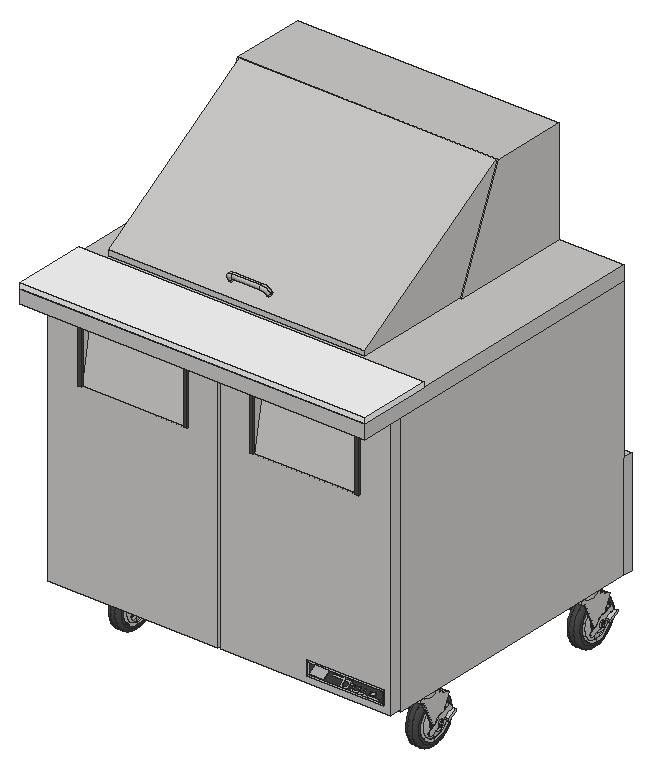
Revit family "QF_TRUE_TSSU-36-12M-B-HC", category Specialty Equipment, Revit 2016
Family settings
  Part Type = Normal
  Round Connector Dimension = Use Diameter
  Work Plane-Based = No
  Always vertical = Yes
  Cut with Voids When Loaded = No
  Shared = No
  Room Calculation Point = No
Parameters
  Weight in Pounds = 255
  Watts = if(Phase = 3, Volts * FL Amps * 1.73, Volts * FL Amps)  # 517.5 W
  Volts = 115 V
  URL Cutsheet = ""
  Specification by User = ""
  Specification by Manufacturer = ""
  Show Seismic Flanged [instance] = no
  Show Logo [instance] = yes
  Show Legs [instance] = no
  Show Clearance [instance] = yes
  Show 6 Inches Castors [instance] = if(Show 2.5 Inches Castors, or(Show Legs, Show Seismic Flanged), if(Show Seismic Flanged, Show Legs, not(or(Show Legs, Show Seismic Flanged, Show 2.5 Inches Castors))))  # yes
  Show 2.5 Inches Castors [instance] = no
  Serial Number = ""
  Seismic Rating = ""
  Seismic Flanged [instance] = and(Show Seismic Flanged, not(Show 6 Inches Castors))  # no
  SMACNA No = ""
  Revision Code = ""
  Phase = 1
  Number of Poles = 1
  NAFEM Spec ID Number = ""
  Model = "TSSU-36-12M-B-HC"
  Min Ckt Ampacity = 0 A
  Max Overcurrent Protection = 0 A
  Masterspec = ""
  Manufacturer = "TRUE"
  Length = 36 5/16"
  Legs [instance] = and(not(Show 2.5 Inches Castors), or(Show Legs, Show Seismic Flanged))  # no
  Item Number = ""
  Installed By = ""
  Identify Quantity as Lot = yes
  Height = 46 15/32"
  HP = "1/4"
  Furnished By = ""
  Foodservice Equipment Identifier = yes
  FL Amps = 4.5 A
  Electrical Remarks = ""
  Electric Connection Type = ""
  Elec Conn RI Height = 33 11/16"
  Elec Conn Connection Height = 0"
  Description = "MEGA-TOP SOLID DOOR SANDWICH/SALAD UNIT WITH HYDROCARBON REFRIGERANT"
  Depth = 34 1/16"
  Cycle = 60 Hz
  Conn Plug = "NEMA 5-15P"
  Conn Conduit = yes
  CSI MasterFormat = ""
  Base Height [instance] = if(Show 6 Inches Castors, 6 3/16", if(Show 2.5 Inches Castors, 2 1/2", if(Show Legs, 6", if(Show Seismic Flanged, 6", 6 3/16"))))  # 6 3/16"
  Apparent Power = if(Phase = 3, Volts * FL Amps * 1.73, Volts * FL Amps)  # 517.5 VA
  2.5 Inches Castors [instance] = and(Show 2.5 Inches Castors, not(Show 6 Inches Castors))  # no
Reference planes (in)
  plane 1 "BACK": y = 0
  plane 2: z = 0
  plane 3 "LEFT": x = 0
  plane 4 "RIGHT": x = 36.3125
  plane 5 "FRONT": y = -34.0625
  plane 6 "TOP": z = 35.9375
  plane 7 "Center Y": x = 18.15625
  plane 8 "Center X": y = -17.03125
  plane 9: y = 1
  plane 10: y = -45.53125
  plane 11: x = 2.5
  plane 12: x = 33.8125
  plane 13: z = 6.1875
  plane 14: z = 46.46875
  plane 15: z = 48.96875
Forms (in)
  Extrusion 1, solid, material "QF_Metal - Stainless - Polished"
    sketch origin (36.3125, 1, 3.9375) x (-1, 0, 0) y (0, 0, 1)
      loop
        circle (18.15625, 7.16291) r 0.25
    from 0 to 1
Dimensions and locks (in)
  equal spacing: plane 3 "LEFT", plane 7 "Center Y", plane 4 "RIGHT"
  "Length": plane 3 "LEFT" to plane 4 "RIGHT"
  equal spacing: plane 5 "FRONT", plane 8 "Center X", plane 1 "BACK"
  "Depth": plane 5 "FRONT" to plane 1 "BACK"
  plane 5 "FRONT" to plane 1 "BACK" = 34 1/16"
  plane 4 "RIGHT" to plane 3 "LEFT" = 36 5/16"
  plane 10 to plane 9 = 46 17/32"
  plane 10 to plane 5 "FRONT" = 11 15/32"  (x2)
  plane 9 to plane 10 = 46 17/32"
  locked: plane 11 to plane 3 "LEFT" at 2.5
  locked: plane 12 to plane 4 "RIGHT" at 2.5
  plane 1 "BACK" to plane 9 = 1"
  plane 6 "TOP" to plane 13 = 29 3/4"
  "Base Height": plane 13 to level
  level to plane 13 to plane 6 "TOP" = 6 3/16", 29 3/4"
  plane 14 to plane 6 "TOP" = 10 17/32"  (x2)
  plane 15 to level = 48 31/32"  (x2)
  plane 14 to plane 13 = 40 9/32"  (x2)
  plane 14 to level = 46 15/32"  (x2)
  nested 1 to plane 4 "RIGHT" = 12 3/4"
  nested 1 to nested 1 = 1 31/32"
  nested 1 to plane 1 "BACK" = 7 7/8"
  nested 1 to plane 1 "BACK" = 25 7/32"
  aligned and locked: level to plane 2
  aligned and locked: plane 11 to nested 3
  aligned and locked: plane 11 to nested 2
  aligned and locked: plane 12 to nested 5
  aligned and locked: plane 12 to nested 4
  aligned and locked: plane 13 to nested 1
Automatic sketch dimensions
  nested 1 to Extrusion 1 sketch curve = 18 5/32"
  Extrusion 1 sketch curve to plane 13 = 4.91291"
  radius of Extrusion 1 sketch curve = 1/4"
Nested families (in)
  nested 1: "TSSU-36-12M-B-HC" at (0, 0, 0), Show Logo <- "Show Logo", Show Clearance <- "Show Clearance", type "TSSU-36-12M-B-HC"
  nested 2: "CASTORS" at (3.41047, -3.62035, 0), Show 6" Casters <- "Show 6 Inches Castors", Show 2.5" Casters <- "2.5 Inches Castors", Show Seismic flanged legs <- "Seismic Flanged", Show Standard Legs <- "Legs", type "CASTORS"
    with Type Mark "", Status "", Specification by User "", Show Standard Legs no, Show Seismic flanged legs no, Show 6" Casters yes, Show 2.5" Casters no, Revision Code "", Key Locks yes, Item Number "", Installed By "", Identify Quantity as Lot yes, Furnished By "", Foodservice Equipment Identifier yes
  nested 3: "CASTORS" at (3.41047, -24.87035, 0), Show 6" Casters <- "Show 6 Inches Castors", Show 2.5" Casters <- "2.5 Inches Castors", Show Seismic flanged legs <- "Seismic Flanged", Show Standard Legs <- "Legs", type "CASTORS"
    with Type Mark "", Status "", Specification by User "", Show Standard Legs no, Show Seismic flanged legs no, Show 6" Casters yes, Show 2.5" Casters no, Revision Code "", Key Locks yes, Item Number "", Installed By "", Identify Quantity as Lot yes, Furnished By "", Foodservice Equipment Identifier yes
  nested 4: "CASTORS" at (34.72297, -3.62035, 0), Show 6" Casters <- "Show 6 Inches Castors", Show 2.5" Casters <- "2.5 Inches Castors", Show Seismic flanged legs <- "Seismic Flanged", Show Standard Legs <- "Legs", type "CASTORS"
    with Type Mark "", Status "", Specification by User "", Show Standard Legs no, Show Seismic flanged legs no, Show 6" Casters yes, Show 2.5" Casters no, Revision Code "", Key Locks yes, Item Number "", Installed By "", Identify Quantity as Lot yes, Furnished By "", Foodservice Equipment Identifier yes
  nested 5: "CASTORS" at (34.72297, -24.87035, 0), Show 6" Casters <- "Show 6 Inches Castors", Show 2.5" Casters <- "2.5 Inches Castors", Show Seismic flanged legs <- "Seismic Flanged", Show Standard Legs <- "Legs", type "CASTORS"
    with Type Mark "", Status "", Specification by User "", Show Standard Legs no, Show Seismic flanged legs no, Show 6" Casters yes, Show 2.5" Casters no, Revision Code "", Key Locks yes, Item Number "", Installed By "", Identify Quantity as Lot yes, Furnished By "", Foodservice Equipment Identifier yes
Connectors (in)
  electrical at (18.15625, 2, 11.10041), driven by "Volts", driven by "Apparent Power"
    settings: on Extrusion 1, index 1, voltage 115 V, apparent load 0 VA, apparent load phase1 517.5 VA, apparent load phase2 0 VA, apparent load phase3 0 VA, power factor 1, load classification "Other", number of poles 1, system type 30, power factor state 1, is connector primary yes, connector utility no, sub classification motor no, connector description "ELECTRICAL INLET"
Definition of nested family "TSSU-36-12M-B-HC"
  Parameters (values of type "TSSU-36-12M-B-HC")
    Show Logo [instance] = yes
    Show Clearance [instance] = yes
    Model = ""
    Manufacturer = ""
    Description = ""
  Reference planes (in)
    plane 1 "BACK": y = 0
    plane 2: z = 0
    plane 3 "LEFT": x = 0
    plane 4 "RIGHT": x = 36.3125
    plane 5 "FRONT": y = -34.0625
    plane 6 "TOP": z = 35.9375
    plane 7 "Center Y": x = 18.15625
    plane 8 "Center X": y = -17.03125
    plane 9: y = 1
    plane 10: y = -45.53125
    plane 11: x = 1.96875
    plane 12: x = 29.46875
    plane 13: z = 46.46875
    plane 14: y = -7.875
    plane 15: y = -25.21875
    plane 16: z = 6.1875
    plane 17: z = 51.21875
    plane 18: z = 2.25
  Forms (in)
    Extrusion 1, solid, visible <- "Show Clearance", detail levels coarse
      sketch origin (0, -6.40625, 2.25) x (0, 1, 0) y (0, 0, 1)
        loop
          line (-1.46875, 44.21875) -> (-10.625, 48.96875)
          arc (-10.625, 48.96875) -> (-17.46234, 42.7981) -> (-18.8125, 33.6875) r 13.62636
          line (-18.8125, 33.6875) -> (-1.46875, 44.21875)
      from 2.21275 to 29.25
    Extrusion 2, solid
      sketch origin (0, 1, 2.25) x (0, 1, 0) y (0, 0, 1)
        loop
          line (-35.0625, 33.1875) -> (-35.0625, 31.6875) -> (-1, 31.6875) -> (-1, 33.1875) -> (-35.0625, 33.1875)
      from 0 to 36.3125
    Extrusion 3, solid
      sketch origin (0, 1, 2.25) x (0, 1, 0) y (0, 0, 1)
        loop
          line (-1, 44.21875) -> (-8.875, 44.21875) -> (-13.78643, 33.1875) -> (-1, 33.1875) -> (-1, 44.21875)
      from 1.96875 to 29.46875
    Extrusion 4, solid
      sketch origin (0, -5.90625, 2.25) x (0, 1, 0) y (0, 0, 1)
        loop
          line (-19.3125, 33.1875) -> (-6.88018, 33.1875) -> (-1.96875, 44.21875) -> (-19.3125, 33.6875) -> (-19.3125, 33.1875)
      from 2.21275 to 29.25
    Extrusion 5, solid
      sketch origin (0, 1, 2.25) x (0, 1, 0) y (0, 0, 1)
        loop
          line (-1, 31.6875) -> (-30.3125, 31.6875) -> (-30.3125, 3.9375) -> (-1, 3.9375) -> (-1, 31.6875)
      from 0 to 36.3125
    Extrusion 6, solid
      sketch origin (0, 1, 2.25) x (0, 1, 0) y (0, 0, 1)
        loop
          line (-1, 3.9375) -> (0, 3.9375) -> (0, 15.0625) -> (-1, 15.0625) -> (-1, 3.9375)
      from 0 to 36.3125
    Revolve 7, solid
      sketch origin (4.5, 1, 2.25) x (0, 1, 0) y (0, 0, 1)
        loop
          line (-0.60959, 28.75269) -> (-1, 28.75269) -> (-1, 28.1431) -> (0, 28.1431)
          arc (0, 28.1431) -> (-0.17855, 28.57414) -> (-0.60959, 28.75269) r 0.60959
        axis (0, 28.1431) -> (-1, 28.1431)
      angle from 0 to 360
    Extrusion 8, solid
      sketch origin (-12, 1, 2.25) x (0, 1, 0) y (0, 0, 1)
        loop
          line (-1.5, 3.9375) -> (-25.80139, 3.9375) -> (-25.80139, 1.625) -> (-1.5, 1.625) -> (-1.5, 3.9375)
      from 22.9375 to 35.5625
    Extrusion 9, solid
      sketch origin (0, 5, 2.25) x (0, 1, 0) y (0, 0, 1)
        loop
          line (-39.0625, 33.1875) -> (-31.3125, 33.1875) -> (-31.3125, 33.6875) -> (-39.0625, 33.6875) -> (-39.0625, 33.1875)
      from 0 to 36.3125
    Extrusion 10, solid, visible <- "Show Clearance", detail levels coarse
      sketch origin (0, 2.5, 2.25) x (1, 0, 0) y (0, 1, 0)
        loop
          line (0.125, -33.0625) -> (0.125, -48.03125)
          arc (0.125, -48.03125) -> (11.90603, -43.92859) -> (18.03405, -33.0625) r 17.65492
          line (18.03405, -33.0625) -> (0.125, -33.0625)
        loop
          line (36.1875, -33.0625) -> (18.27845, -33.0625)
          arc (18.27845, -33.0625) -> (24.40647, -43.92859) -> (36.1875, -48.03125) r 17.65492
          line (36.1875, -48.03125) -> (36.1875, -33.0625)
      from 3.9375 to 31.5625
    Sweep 11, solid
      path origin (-4.18801, -5.43931, 6.48886) x (1, 0, 0) y (0, -0.519018, 0.854763)
        loop
          line (22.25, 35.4375) -> (22.25, 35.6875)
          arc (22.25, 35.6875) -> (22.10355, 36.04105) -> (21.75, 36.1875) r 0.5
          line (21.75, 36.1875) -> (18.75, 36.1875)
          arc (18.75, 36.1875) -> (18.39645, 36.04105) -> (18.25, 35.6875) r 0.5
          line (18.25, 35.6875) -> (18.25, 35.4375)
      profile origin (16.06199, -24.22128, 37.42061) x (0, 0.519018, -0.854763) y (0, -0.854763, -0.519018)
        loop
          circle (0, 0) r 0.25
    Revolve 12, solid
      sketch origin (31.8125, 1, 2.25) x (0, 1, 0) y (0, 0, -1)
        loop
          arc (-0.60959, -28.75269) -> (-0.17855, -28.57414) -> (0, -28.1431) r 0.60959
          line (0, -28.1431) -> (-1, -28.1431) -> (-1, -28.75269) -> (-0.60959, -28.75269)
        axis (0, -28.1431) -> (-1, -28.1431)
      angle from 0 to 360
    Extrusion 13, solid
      sketch origin (64.0625, -29.3125, 33.9375) x (0, 0, -1) y (-1, 0, 0)
        loop
          line (0.125, 63.9375) -> (0.125, 46.02845) -> (27.625, 46.02845) -> (27.625, 63.9375) -> (0.125, 63.9375)
        loop
          line (1.46362, 49.57533) -> (7.96362, 49.57533) -> (7.96362, 60.70033) -> (1.46362, 60.70033) -> (1.46362, 49.57533)
        loop
          line (0.125, 27.875) -> (27.625, 27.875) -> (27.625, 45.78405) -> (0.125, 45.78405) -> (0.125, 27.875)
        loop
          line (1.46362, 42.23717) -> (1.46362, 31.11217) -> (7.96362, 31.11217) -> (7.96362, 42.23717) -> (1.46362, 42.23717)
      from 0 to -1.25
    Extrusion 14, solid
      sketch origin (64.0625, -30.5625, 33.9375) x (0, 0, 1) y (-1, 0, 0)
        loop
          line (-7.96362, 60.70033) -> (-7.96362, 60.32533) -> (-2.08862, 60.32533) -> (-2.08862, 49.57533) -> (-7.96362, 49.57533) -> (-7.96362, 49.20033) -> (-1.46362, 49.20033) -> (-1.46362, 60.70033) -> (-7.96362, 60.70033)
      from 0 to 0.125
    Extrusion 15, solid
      sketch origin (0, -0.75, 2.25) x (0, 1, 0) y (0, 0, 1)
        loop
          line (-29.8125, 23.72388) -> (-28.5625, 23.72388) -> (-28.5625, 30.22388) -> (-29.8125, 23.72388)
      from 14.48717 to 3.73717
    Extrusion 16, solid
      sketch origin (-27.75, -30.5625, 33.9375) x (0, 0, 1) y (-1, 0, 0)
        loop
          line (-7.96362, -60.70033) -> (-1.46362, -60.70033) -> (-1.46362, -49.20033) -> (-7.96362, -49.20033) -> (-7.96362, -49.57533) -> (-2.08862, -49.57533) -> (-2.08862, -60.32533) -> (-7.96362, -60.32533) -> (-7.96362, -60.70033)
      from 0 to 0.125
    Extrusion 17, solid
      sketch origin (36.3125, -0.75, 2.25) x (0, 1, 0) y (0, 0, -1)
        loop
          line (-29.8125, -23.72388) -> (-28.5625, -30.22388) -> (-28.5625, -23.72388) -> (-29.8125, -23.72388)
      from 14.48717 to 3.73717
  Lines and regions (in)
    symbolic lines
      curve 1: line (2.72837, -22.75446, 2.25) -> (28.62641, -22.75446, 2.25)
      curve 2: line (2.72837, -1.93527, 2.25) -> (2.72837, -22.75446, 2.25)
      curve 3: line (28.62641, -1.93527, 2.25) -> (2.72837, -1.93527, 2.25)
      curve 4: line (9.20288, -1.93527, 2.25) -> (9.20288, -22.75446, 2.25)
      curve 5: line (22.1519, -1.93527, 2.25) -> (22.1519, -22.75446, 2.25)
      curve 6: line (2.72837, -8.875, 2.25) -> (28.62641, -8.875, 2.25)
      curve 7: line (0, 0, 2.25) -> (0, -34.0625, 2.25)
      curve 8: line (36.3125, 0, 2.25) -> (0, 0, 2.25)
      curve 9: line (36.3125, -34.0625, 2.25) -> (36.3125, 0, 2.25)
      curve 10: line (1.96875, 0, 2.25) -> (1.96875, -13.2553, 2.25)
      curve 11: line (1.96875, -7.875, 2.25) -> (29.46875, -7.875, 2.25)
      curve 12: line (29.25, -25.21875, 2.25) -> (2.21275, -25.21875, 2.25)
      curve 13: line (2.21275, -25.21875, 2.25) -> (2.21275, -7.875, 2.25)
      curve 14: line (1.96875, -13.2553, 2.25) -> (2.21275, -13.2553, 2.25)
      curve 15: line (2.21275, -8.375, 2.25) -> (29.25, -8.375, 2.25)
      curve 16: arc (32.42209, 0.39041, 2.25) -> (31.8125, 1, 2.25) -> (31.20291, 0.39041, 2.25) r 0.60959
      curve 17: line (32.42209, 0.39041, 2.25) -> (32.42209, 0, 2.25)
      curve 18: line (31.20291, 0, 2.25) -> (31.20291, 0.39041, 2.25)
      curve 19: arc (3.89041, 0.39041, 2.25) -> (4.5, 1, 2.25) -> (5.10959, 0.39041, 2.25) r 0.60959
      curve 20: line (3.89041, 0.39041, 2.25) -> (3.89041, 0, 2.25)
      curve 21: line (5.10959, 0, 2.25) -> (5.10959, 0.39041, 2.25)
      curve 22: line (15.67739, -1.93527, 2.25) -> (15.67739, -22.75446, 2.25)
      curve 23: line (0, -34.0625, 0) -> (36.3125, -34.0625, 0)
      curve 24: line (0.125, -34.0625, 2.25) -> (14.81544, -38.33004, 2.25)
      curve 25: arc (14.81544, -38.33004, 2.25) -> (16.11735, -36.27299, 2.25) -> (17.12391, -34.0564, 2.25) r 17.65492
      curve 26: line (36.1875, -34.0625, 2.25) -> (21.49706, -38.33004, 2.25)
      curve 27: arc (21.49706, -38.33004, 2.25) -> (20.19643, -36.27535, 2.25) -> (19.19047, -34.06144, 2.25) r 17.65492
      curve 28: line (2.72837, -15.81473, 2.25) -> (28.62641, -15.81473, 2.25)
      curve 29: line (28.62641, -22.75446, 2.25) -> (28.62641, -1.93527, 2.25)
      curve 30: line (29.46875, -13.2553, 2.25) -> (29.46875, 0, 2.25)
      curve 31: line (29.46875, -13.2553, 2.25) -> (29.25, -13.2553, 2.25)
      curve 32: line (29.25, -7.875, 2.25) -> (29.25, -25.21875, 2.25)
      curve 33: line (36.3125, -26.3125, 0) -> (0, -26.3125, 0)
  Dimensions and locks (in)
    equal spacing: plane 3 "LEFT", plane 7 "Center Y", plane 4 "RIGHT"
    plane 3 "LEFT" to plane 4 "RIGHT" = 36 5/16"
    equal spacing: plane 5 "FRONT", plane 8 "Center X", plane 1 "BACK"
    plane 5 "FRONT" to plane 1 "BACK" = 34 1/16"  (x2)
    plane 4 "RIGHT" to plane 3 "LEFT" = 36 5/16"
    plane 13 to level = 46 15/32"
    plane 10 to plane 9 = 46 17/32"
    plane 10 to plane 5 "FRONT" = 11 15/32"
    plane 4 "RIGHT" to plane 12 to plane 11 to plane 3 "LEFT" = 6 27/32", 27 1/2", 1 31/32"
    plane 1 "BACK" to plane 9 = 1"
    plane 14 to plane 1 "BACK" = 7 7/8"
    plane 15 to plane 1 "BACK" = 25 7/32"
    plane 13 to plane 16 = 40 9/32"  (x2)
    plane 6 "TOP" to plane 16 = 29 3/4"  (x2)
    plane 13 to plane 6 "TOP" = 10 17/32"  (x2)
    plane 17 to plane 6 "TOP" = 15 9/32"
    plane 17 to level = 51 7/32"
    plane 6 "TOP" to level = 35 15/16"
    plane 16 to level = 6 3/16"
    locked: Extrusion 3 to Extrusion 1 at 0.21875
    locked: Extrusion 3 to Extrusion 1 at 0.244
    plane 16 to plane 18 = 3 15/16"
    equal spacing: curve 2, curve 4, curve 22, curve 5, curve 29
    aligned and locked: level to plane 2
    aligned and locked: Extrusion 1 to Extrusion 4
    aligned and locked: Extrusion 4 to Extrusion 1
    aligned and locked: Extrusion 9 to curve 9
    aligned and locked: plane 5 "FRONT" to Extrusion 2
    aligned and locked: plane 5 "FRONT" to Extrusion 9
    aligned and locked: Extrusion 15 to Extrusion 13
    aligned and locked: Extrusion 13 to nested 1
    aligned and locked: Extrusion 5 to Extrusion 13
    aligned and locked: plane 10 to Extrusion 10 sketch curve  (x2)
    aligned and locked: Extrusion 10 sketch curve to Extrusion 13  (x3)
    aligned and locked: Extrusion 13 to Extrusion 10 sketch curve
    aligned and locked: curve 25 to Extrusion 10
    aligned and locked: curve 27 to Extrusion 10
    aligned and locked: plane 11 to Extrusion 3
    aligned and locked: curve 33 to Extrusion 9
  Automatic sketch dimensions
    curve 23 to plane 3 "LEFT" = 0"
    curve 23 to plane 4 "RIGHT" = 0"
    plane 5 "FRONT" to curve 23 = 0"
    Extrusion 1 sketch curve to plane 6 "TOP" = 0"
    Extrusion 1 sketch curve to plane 15 = 0"
    Extrusion 1 sketch curve to plane 8 "Center X" = 0"
    Extrusion 1 sketch curve to plane 13 = 0"
    Extrusion 1 sketch curve to plane 14 = 0"
    Extrusion 1 sketch curve to plane 17 = 0"
    plane 6 "TOP" to Extrusion 1 sketch curve = 2.67526"
    Extrusion 2 sketch curve to plane 5 "FRONT" = 0"
    Extrusion 2 sketch curve to plane 1 "BACK" = 0"
    Extrusion 2 sketch curve to plane 6 "TOP" = 2"
    Extrusion 2 sketch curve to plane 6 "TOP" = 1/2"
    Extrusion 3 sketch curve to plane 13 = 0"
    Extrusion 3 sketch curve to plane 14 = 0"
    Extrusion 3 sketch curve to plane 1 "BACK" = 0"
    Extrusion 3 sketch curve to plane 6 "TOP" = 1/2"
    plane 8 "Center X" to Extrusion 3 sketch curve = 4.24482"
    Extrusion 4 sketch curve to plane 6 "TOP" = 0"
    Extrusion 4 sketch curve to plane 15 = 0"
    Extrusion 4 sketch curve to plane 13 = 0"
    Extrusion 4 sketch curve to plane 14 = 0"
    Extrusion 4 sketch curve to plane 6 "TOP" = 1/2"
    plane 8 "Center X" to Extrusion 4 sketch curve = 4.24482"
    Extrusion 5 sketch curve to plane 16 = 0"
    Extrusion 5 sketch curve to plane 1 "BACK" = 0"
    Extrusion 5 sketch curve to plane 6 "TOP" = 2"
    Extrusion 5 sketch curve to plane 15 = 4 3/32"
    Extrusion 6 sketch curve to plane 1 "BACK" = 0"
    Extrusion 6 sketch curve to plane 9 = 0"
    Extrusion 6 sketch curve to plane 16 = 0"
    plane 16 to Extrusion 6 sketch curve = 11 1/8"
    Revolve 7 sketch curve to plane 1 "BACK" = 0"
    Revolve 7 sketch curve to plane 9 = 0"  (x2)
    Revolve 7 sketch curve to plane 1 "BACK" = 0.39041"
    Revolve 7 sketch curve to plane 6 "TOP" = 5.5444"
    Revolve 7 sketch curve to Revolve 7 sketch curve = 3 3/4"
    Revolve 7 sketch curve to Revolve 7 sketch curve = 0"
    Extrusion 8 sketch curve to plane 16 = 0"
    plane 15 to Extrusion 8 sketch curve = 0.41736"
    plane 1 "BACK" to Extrusion 8 sketch curve = 1/2"
    Extrusion 8 sketch curve to plane 16 = 2 5/16"
    Extrusion 9 sketch curve to plane 5 "FRONT" = 0"
    Extrusion 9 sketch curve to plane 6 "TOP" = 0"
    Extrusion 9 sketch curve to plane 15 = 1 3/32"
    Extrusion 9 sketch curve to plane 6 "TOP" = 1/2"
    plane 3 "LEFT" to Extrusion 10 sketch curve = 0.58375"
    plane 3 "LEFT" to Extrusion 10 sketch curve = 1/8"
    plane 4 "RIGHT" to Extrusion 10 sketch curve = 0.58375"
    plane 4 "RIGHT" to Extrusion 10 sketch curve = 1/8"
    Sweep 11 sketch curve to plane 7 "Center Y" = 4.09426"
    Sweep 11 sketch curve to Sweep 11 sketch curve = 1/2"  (x2)
    Sweep 11 sketch curve to plane 7 "Center Y" = 0.59426"
    Sweep 11 sketch curve to Sweep 11 sketch curve = 1/4"  (x2)
    Sweep 11 sketch curve to profile plane = 0"
    profile plane to Sweep 11 sketch curve = 0"
    Revolve 12 sketch curve to plane 1 "BACK" = 0"
    Revolve 12 sketch curve to plane 9 = 0"  (x2)
    Revolve 12 sketch curve to plane 1 "BACK" = 0.39041"
    Revolve 12 sketch curve to plane 6 "TOP" = 4.93481"
    Revolve 12 sketch curve to Revolve 12 sketch curve = 3 3/4"
    Revolve 12 sketch curve to Revolve 12 sketch curve = 0"
    plane 3 "LEFT" to Extrusion 13 sketch curve = 1/8"
    Extrusion 13 sketch curve to plane 6 "TOP" = 2 1/8"
    Extrusion 13 sketch curve to Extrusion 13 sketch curve = 0"
    Extrusion 13 sketch curve to plane 6 "TOP" = 3.46362"  (x2)
    Extrusion 13 sketch curve to Extrusion 13 sketch curve = 6 1/2"  (x2)
    plane 16 to Extrusion 13 sketch curve = 1/8"  (x2)
    Extrusion 13 sketch curve to plane 11 = 1.39342"
    Extrusion 13 sketch curve to plane 7 "Center Y" = 3.66908"
    Extrusion 13 sketch curve to plane 7 "Center Y" = 0.1222"
    plane 7 "Center Y" to Extrusion 13 sketch curve = 0.1222"
    plane 7 "Center Y" to Extrusion 13 sketch curve = 3.66908"
    plane 4 "RIGHT" to Extrusion 13 sketch curve = 3.36217"
    plane 4 "RIGHT" to Extrusion 13 sketch curve = 1/8"
    Extrusion 14 sketch curve to Extrusion 13 = 0"  (x4)
    Extrusion 13 to Extrusion 14 sketch curve = 0"
    Extrusion 13 to Extrusion 14 sketch curve = 5/8"
    Extrusion 14 sketch curve to Extrusion 13 = 3/8"
    Extrusion 13 to Extrusion 14 sketch curve = 3/8"
    Extrusion 15 sketch curve to plane 5 "FRONT" = 3 1/2"
    Extrusion 15 sketch curve to Extrusion 15 sketch curve = 1 1/4"
    Extrusion 15 sketch curve to plane 6 "TOP" = 9.96362"
    Extrusion 15 sketch curve to plane 6 "TOP" = 3.46362"
    Extrusion 16 sketch curve to Extrusion 13 = 0"  (x4)
    Extrusion 13 to Extrusion 16 sketch curve = 0"
    Extrusion 13 to Extrusion 16 sketch curve = 5/8"
    Extrusion 13 to Extrusion 16 sketch curve = 3/8"
    Extrusion 16 sketch curve to Extrusion 13 = 3/8"
    Extrusion 17 sketch curve to plane 5 "FRONT" = 3 1/2"
    Extrusion 17 sketch curve to Extrusion 17 sketch curve = 1 1/4"
    Extrusion 17 sketch curve to plane 6 "TOP" = 3.46362"
    Extrusion 17 sketch curve to Extrusion 17 sketch curve = 6 1/2"
    plane 1 "BACK" to curve 7 = 0"
    curve 7 to plane 3 "LEFT" = 0"
    plane 5 "FRONT" to curve 24 = 0"
    curve 11 to plane 11 = 0"
    curve 13 to plane 14 = 0"
    curve 13 to plane 15 = 0"
    curve 31 to plane 12 = 0"
    plane 5 "FRONT" to curve 26 = 0"
    curve 13 to plane 11 = 0.244"
    curve 3 to plane 11 = 0.75962"
    curve 20 to plane 1 "BACK" = 0.39041"
    curve 20 to plane 11 = 1.92166"
    curve 19 to curve 19 = 0.60959"
    curve 24 to plane 7 "Center Y" = 3.34081"
    plane 7 "Center Y" to curve 26 = 3.34081"
    plane 12 to curve 29 = 0.84234"
    curve 18 to plane 1 "BACK" = 0.39041"
    curve 18 to plane 12 = 1.73416"
    curve 16 to curve 16 = 0.60959"
    plane 15 to curve 2 = 2.46429"
    plane 8 "Center X" to curve 14 = 3.77595"
    plane 8 "Center X" to curve 30 = 3.77595"
    plane 1 "BACK" to curve 3 = 1.93527"
    plane 3 "LEFT" to curve 24 = 1/8"
    curve 25 to plane 5 "FRONT" = 0.0061"
    curve 27 to plane 5 "FRONT" = 0.00106"
    plane 12 to curve 31 = 7/32"
    plane 4 "RIGHT" to curve 26 = 1/8"
    curve 7 to curve 25 = 6.18021"
    curve 9 to curve 27 = 6.18021"
    plane 8 "Center X" to curve 28 = 1.21652"
    curve 6 to plane 14 = 1"
    curve 15 to plane 14 = 1/2"
    curve 33 to plane 3 "LEFT" = 0"
    curve 33 to plane 4 "RIGHT" = 0"
    radius of Sweep 11 sketch curve = 1/4"
  Nested families (in)
    nested 1: "QF_LOGO_TRUE" at (27.43627, -30.5625, 7.01961), Show Logo <- "Show Logo", type "QF_LOGO_TRUE", detail levels medium+fine
      with Show Logo yes
  Definition of nested family "QF_LOGO_TRUE"
    Parameters (values of type "QF_LOGO_TRUE")
      Show Logo [instance] = yes
    Reference planes (in)
      plane 1 "Center (Front/Back)": y = 0
      plane 2: z = 0
      plane 3 "Center (Left/Right)": x = 0
    Forms (in)
      Extrusion 1, solid, visible <- "Show Logo", detail levels medium+fine
        sketch origin (-78.34647, 34.76905, -30.51001) x (1, 0, 0) y (0, 0, 1)
          loop
            line (81.15226, 31.65456) -> (81.07353, 31.48573) -> (82.12083, 31.48573)
            arc (82.12083, 31.48573) -> (82.14208, 31.44814) -> (82.12083, 31.41055) r 0.04386
            line (82.12083, 31.41055) -> (81.84767, 30.82478)
            arc (81.84767, 30.82478) -> (81.84531, 30.77052) -> (81.882, 30.73048) r 0.07096
            line (81.882, 30.73048) -> (82.55165, 30.73048)
            arc (82.55165, 30.73048) -> (82.63621, 30.75714) -> (82.69019, 30.82748) r 0.14742
            line (82.69019, 30.82748) -> (82.90515, 31.28847) -> (83.10265, 31.28847)
            arc (83.10265, 31.28847) -> (83.15447, 31.26942) -> (83.14697, 31.21472) r 0.04405
            line (83.14697, 31.21472) -> (82.9671, 30.82899)
            arc (82.9671, 30.82899) -> (82.9699, 30.76493) -> (83.02398, 30.73048) r 0.06943
            line (83.02398, 30.73048) -> (83.6124, 30.73048)
            arc (83.6124, 30.73048) -> (83.65748, 30.74689) -> (83.68147, 30.78844) r 0.07014
            arc (83.68147, 30.78844) -> (83.69845, 30.74745) -> (83.73943, 30.73048) r 0.05796
            line (83.73943, 30.73048) -> (84.112, 30.73048)
            arc (84.112, 30.73048) -> (84.15504, 30.74201) -> (84.18655, 30.77352) r 0.08608
            arc (84.18655, 30.77352) -> (84.20164, 30.7371) -> (84.23806, 30.72202) r 0.0515
            line (84.23806, 30.72202) -> (84.76757, 30.72202)
            arc (84.76757, 30.72202) -> (84.81086, 30.73995) -> (84.8288, 30.78324) r 0.06122
            arc (84.8288, 30.78324) -> (84.86848, 30.74355) -> (84.92269, 30.72903) r 0.10842
            line (84.92269, 30.72903) -> (85.91461, 30.72903) -> (86.02479, 30.91987) -> (85.0243, 30.91987)
            arc (85.0243, 30.91987) -> (84.99669, 30.93902) -> (84.99566, 30.97261) r 0.03732
            line (84.99566, 30.97261) -> (85.01297, 31.00972)
            arc (85.01297, 31.00972) -> (85.03954, 31.04453) -> (85.0813, 31.05774) r 0.07263
            line (85.0813, 31.05774) -> (85.40289, 31.05774)
            arc (85.40289, 31.05774) -> (85.4723, 31.07633) -> (85.52311, 31.12715) r 0.13882
            line (85.52311, 31.12715) -> (85.61625, 31.28847)
            arc (85.61625, 31.28847) -> (85.61625, 31.37458) -> (85.54168, 31.41763) r 0.08611
            line (85.54168, 31.41763) -> (85.20227, 31.41763)
            arc (85.20227, 31.41763) -> (85.11574, 31.40294) -> (85.05538, 31.33923) r 0.13863
            line (85.05538, 31.33923) -> (84.89409, 30.99333)
            arc (84.89409, 30.99333) -> (84.84649, 30.9313) -> (84.77191, 30.90778) r 0.13002
            line (84.77191, 30.90778) -> (84.41984, 30.90778)
            arc (84.41984, 30.90778) -> (84.3777, 30.95378) -> (84.38042, 31.0161) r 0.08151
            line (84.38042, 31.0161) -> (84.56766, 31.41763) -> (84.44849, 31.41763) -> (84.25012, 30.99222)
            arc (84.25012, 30.99222) -> (84.21158, 30.94199) -> (84.15119, 30.92296) r 0.10527
            line (84.15119, 30.92296) -> (83.90842, 30.92296)
            arc (83.90842, 30.92296) -> (83.8674, 30.97642) -> (83.87619, 31.04323) r 0.08805
            line (83.87619, 31.04323) -> (84.05078, 31.41763) -> (83.92772, 31.41763) -> (83.72676, 30.98668)
            arc (83.72676, 30.98668) -> (83.68011, 30.94003) -> (83.61639, 30.92296) r 0.12745
            line (83.61639, 30.92296) -> (83.26484, 30.92296)
            arc (83.26484, 30.92296) -> (83.2017, 30.9524) -> (83.19563, 31.0218) r 0.06967
            line (83.19563, 31.0218) -> (83.31118, 31.26961) -> (83.47452, 31.26961)
            arc (83.47452, 31.26961) -> (83.50209, 31.35268) -> (83.56075, 31.41763) r 0.21289
            line (83.56075, 31.41763) -> (82.92244, 31.41763)
            arc (82.92244, 31.41763) -> (82.85151, 31.40191) -> (82.80242, 31.34834) r 0.12081
            line (82.80242, 31.34834) -> (82.6294, 30.9773)
            arc (82.6294, 30.9773) -> (82.58962, 30.93752) -> (82.53528, 30.92296) r 0.10869
            line (82.53528, 30.92296) -> (82.1542, 30.92296)
            arc (82.1542, 30.92296) -> (82.12446, 30.96315) -> (82.13012, 31.01283) r 0.06822
            line (82.13012, 31.01283) -> (82.38156, 31.48573) -> (83.01596, 31.48573) -> (83.09469, 31.65456) -> (82.46029, 31.65456) -> (82.53902, 31.8234) -> (82.31334, 31.8234) -> (82.23461, 31.65456) -> (81.15226, 31.65456)
          loop
            arc (85.15937, 31.26434) -> (85.13191, 31.25698) -> (85.1118, 31.23688) r 0.05494
            line (85.1118, 31.23688) -> (85.09547, 31.18665)
            arc (85.09547, 31.18665) -> (85.10304, 31.16837) -> (85.12133, 31.16079) r 0.02586
            line (85.12133, 31.16079) -> (85.39889, 31.16079)
            arc (85.39889, 31.16079) -> (85.41888, 31.16523) -> (85.43513, 31.1777) r 0.04731
            line (85.43513, 31.1777) -> (85.44863, 31.2402)
            arc (85.44863, 31.2402) -> (85.44466, 31.25693) -> (85.42914, 31.26434) r 0.01994
            line (85.42914, 31.26434) -> (85.15937, 31.26434)
          loop
            line (78.62961, 30.74125) -> (80.12032, 30.74125) -> (80.73891, 31.81268) -> (79.2482, 31.81268) -> (78.62961, 30.74125)
        from 34.76797 to 34.83173
      Extrusion 2, solid, visible <- "Show Logo", detail levels medium+fine
        sketch origin (-142.84857, 34.75108, -33.3546) x (1, 0, 0) y (0, 0, 1)
          loop
            line (150.81107, 34.71978) -> (142.98607, 34.71978) -> (142.98607, 33.4921) -> (150.81107, 33.4921) -> (150.81107, 34.71978)
        from 34.75108 to 34.78125
      Extrusion 3, solid, visible <- "Show Logo", detail levels medium+fine
        sketch origin (-142.84857, 34.75108, -33.3546) x (1, 0, 0) y (0, 0, 1)
          loop
            line (150.94857, 34.85727) -> (142.84857, 34.85727) -> (142.84857, 33.3546) -> (150.94857, 33.3546) -> (150.94857, 34.85727)
          loop
            line (142.98607, 34.71978) -> (142.98607, 33.4921) -> (150.81107, 33.4921) -> (150.81107, 34.71978) -> (142.98607, 34.71978)
        from 34.75108 to 34.81376
      Extrusion 4, solid, not visible
        sketch origin (121.45701, -16.5, 4.98235) x (1, 0, 0) y (0, 0, 1)
          loop
            line (25.20115, 35.89949) -> (25.20115, 33.96647) -> (30.95381, 33.96647) -> (30.95381, 35.89949) -> (25.20115, 35.89949)
        from 31.5 to 31.54261
      Extrusion 5, solid, not visible
        sketch origin (121.45701, -16.5, 4.98235) x (1, 0, 0) y (0, 0, 1)
          loop
            line (26.7387, 34.95472) -> (26.61492, 34.49276) -> (27.038, 34.49276)
            arc (27.038, 34.49276) -> (27.13117, 34.52484) -> (27.18485, 34.60749) r 0.15134
            arc (27.18485, 34.60749) -> (27.20396, 34.68138) -> (27.22435, 34.75493) r 4.37326
            arc (27.22435, 34.75493) -> (27.23458, 34.81765) -> (27.22435, 34.88037) r 0.1974
            arc (27.22435, 34.88037) -> (27.18247, 34.93579) -> (27.11563, 34.95472) r 0.10914
            line (27.11563, 34.95472) -> (26.7387, 34.95472)
          loop
            line (26.90201, 34.80638) -> (26.84645, 34.59903) -> (26.92855, 34.59903)
            arc (26.92855, 34.59903) -> (26.98205, 34.6185) -> (27.01051, 34.6678) r 0.08322
            line (27.01051, 34.6678) -> (27.02399, 34.74424)
            arc (27.02399, 34.74424) -> (27.01491, 34.78454) -> (26.97985, 34.80638) r 0.05353
            line (26.97985, 34.80638) -> (26.90201, 34.80638)
          loop
            line (27.45336, 34.66131) -> (27.76233, 34.66131) -> (27.78859, 34.73909)
            arc (27.78859, 34.73909) -> (27.7878, 34.82039) -> (27.73107, 34.87864) r 0.10925
            arc (27.73107, 34.87864) -> (27.68233, 34.8944) -> (27.63139, 34.89974) r 0.24595
            line (27.63139, 34.89974) -> (27.46708, 34.89974)
            arc (27.46708, 34.89974) -> (27.4068, 34.88073) -> (27.3535, 34.84677) r 0.2421
            arc (27.3535, 34.84677) -> (27.2897, 34.76363) -> (27.26702, 34.66131) r 0.2421
            line (27.26702, 34.66131) -> (27.26702, 34.54477)
            arc (27.26702, 34.54477) -> (27.31618, 34.4956) -> (27.38334, 34.47761) r 0.13431
            line (27.38334, 34.47761) -> (27.59054, 34.47761)
            arc (27.59054, 34.47761) -> (27.63459, 34.48281) -> (27.67622, 34.49812) r 0.18924
            line (27.67622, 34.49812) -> (27.73102, 34.61563)
            arc (27.73102, 34.61563) -> (27.68453, 34.59565) -> (27.63566, 34.58252) r 0.35376
            arc (27.63566, 34.58252) -> (27.55885, 34.56956) -> (27.48204, 34.58252) r 0.23415
            arc (27.48204, 34.58252) -> (27.44492, 34.61362) -> (27.45336, 34.66131) r 0.04838
          loop
            line (27.4842, 34.73042) -> (27.62012, 34.73042) -> (27.62621, 34.76496)
            arc (27.62621, 34.76496) -> (27.58961, 34.80242) -> (27.53739, 34.80638) r 0.0742
            arc (27.53739, 34.80638) -> (27.49747, 34.77773) -> (27.4842, 34.73042) r 0.0742
          loop
            line (27.91616, 34.97572) -> (27.78675, 34.49276) -> (27.98645, 34.49276) -> (28.11586, 34.97572) -> (27.91616, 34.97572)
          loop
            line (28.13678, 34.66131) -> (28.08755, 34.47761) -> (28.27134, 34.47761) -> (28.32056, 34.66131) -> (28.43674, 34.66131) -> (28.47974, 34.78864) -> (28.36519, 34.78864)
            arc (28.36519, 34.78864) -> (28.35733, 34.81649) -> (28.36921, 34.84288) r 0.04231
            arc (28.36921, 34.84288) -> (28.431, 34.8652) -> (28.49617, 34.85686) r 0.13988
            line (28.49617, 34.85686) -> (28.53544, 34.97317)
            arc (28.53544, 34.97317) -> (28.39725, 34.99096) -> (28.25905, 34.97317) r 0.54546
            arc (28.25905, 34.97317) -> (28.20849, 34.91994) -> (28.18197, 34.85147) r 0.1894
            line (28.18197, 34.85147) -> (28.17089, 34.78864) -> (28.11397, 34.78864) -> (28.07985, 34.66131) -> (28.13678, 34.66131)
          loop
            arc (28.74846, 34.89756) -> (28.65884, 34.88533) -> (28.56922, 34.89756) r 0.33455
            line (28.56922, 34.89756) -> (28.45669, 34.47761) -> (28.63593, 34.47761) -> (28.74846, 34.89756)
          loop
            arc (28.60398, 35.01195) -> (28.57699, 34.97173) -> (28.60398, 34.9315) r 0.04347
            line (28.60398, 34.9315) -> (28.75755, 34.9315)
            arc (28.75755, 34.9315) -> (28.78645, 34.96687) -> (28.77911, 35.01195) r 0.0556
            line (28.77911, 35.01195) -> (28.60398, 35.01195)
          loop
            line (28.95336, 34.66131) -> (29.26233, 34.66131) -> (29.28859, 34.73909)
            arc (29.28859, 34.73909) -> (29.2878, 34.82039) -> (29.23107, 34.87864) r 0.10925
            arc (29.23107, 34.87864) -> (29.18233, 34.8944) -> (29.13139, 34.89974) r 0.24595
            line (29.13139, 34.89974) -> (28.96708, 34.89974)
            arc (28.96708, 34.89974) -> (28.9068, 34.88073) -> (28.8535, 34.84677) r 0.2421
            arc (28.8535, 34.84677) -> (28.7897, 34.76363) -> (28.76702, 34.66131) r 0.2421
            line (28.76702, 34.66131) -> (28.76702, 34.54477)
            arc (28.76702, 34.54477) -> (28.81618, 34.4956) -> (28.88334, 34.47761) r 0.13431
            line (28.88334, 34.47761) -> (29.09054, 34.47761)
            arc (29.09054, 34.47761) -> (29.13459, 34.48281) -> (29.17622, 34.49812) r 0.18924
            line (29.17622, 34.49812) -> (29.23102, 34.61563)
            arc (29.23102, 34.61563) -> (29.18453, 34.59565) -> (29.13566, 34.58252) r 0.35376
            arc (29.13566, 34.58252) -> (29.05885, 34.56956) -> (28.98204, 34.58252) r 0.23415
            arc (28.98204, 34.58252) -> (28.94492, 34.61362) -> (28.95336, 34.66131) r 0.04838
          loop
            line (28.9842, 34.73042) -> (29.12012, 34.73042) -> (29.12621, 34.76496)
            arc (29.12621, 34.76496) -> (29.08961, 34.80242) -> (29.03739, 34.80638) r 0.0742
            arc (29.03739, 34.80638) -> (28.99747, 34.77773) -> (28.9842, 34.73042) r 0.0742
          loop
            line (29.41616, 34.97572) -> (29.28675, 34.49276) -> (29.48645, 34.49276) -> (29.61586, 34.97572) -> (29.41616, 34.97572)
          loop
            line (29.99836, 34.97572) -> (29.95192, 34.80242)
            arc (29.95192, 34.80242) -> (29.94473, 34.85705) -> (29.90102, 34.89059) r 0.07199
            arc (29.90102, 34.89059) -> (29.80023, 34.89941) -> (29.70251, 34.87322) r 0.29131
            arc (29.70251, 34.87322) -> (29.61806, 34.7652) -> (29.5896, 34.63108) r 0.30433
            line (29.5896, 34.63108) -> (29.5896, 34.55572)
            arc (29.5896, 34.55572) -> (29.61075, 34.50463) -> (29.66184, 34.48348) r 0.07224
            line (29.66184, 34.48348) -> (29.78537, 34.48348)
            arc (29.78537, 34.48348) -> (29.83854, 34.51313) -> (29.88504, 34.55243) r 0.31609
            line (29.88504, 34.55243) -> (29.86905, 34.49276) -> (30.05973, 34.49276) -> (30.18914, 34.97572) -> (29.99836, 34.97572)
          loop
            arc (29.84537, 34.75931) -> (29.79424, 34.71128) -> (29.77745, 34.64317) r 0.12371
            arc (29.77745, 34.64317) -> (29.80071, 34.59901) -> (29.85056, 34.59647) r 0.05045
            arc (29.85056, 34.59647) -> (29.90141, 34.64047) -> (29.92536, 34.7033) r 0.13769
            arc (29.92536, 34.7033) -> (29.90211, 34.75521) -> (29.84537, 34.75931) r 0.05543
          loop
            line (26.45047, 35.26762) -> (26.58211, 35.26762)
            arc (26.58211, 35.26762) -> (26.60467, 35.30821) -> (26.62126, 35.35157) r 0.3277
            arc (26.62126, 35.35157) -> (26.62714, 35.39992) -> (26.60877, 35.44503) r 0.09693
            arc (26.60877, 35.44503) -> (26.56454, 35.48868) -> (26.50462, 35.50516) r 0.12312
            arc (26.50462, 35.50516) -> (26.44158, 35.50565) -> (26.37854, 35.50546) r 5.76967
            arc (26.37854, 35.50546) -> (26.07462, 35.42923) -> (25.81045, 35.26076) r 0.97743
            line (25.81045, 35.26076) -> (25.85921, 35.26076)
            arc (25.85921, 35.26076) -> (26.08494, 35.39361) -> (26.3396, 35.45485) r 0.88817
            arc (26.3396, 35.45485) -> (26.41429, 35.44188) -> (26.47267, 35.39352) r 0.14748
            arc (26.47267, 35.39352) -> (26.48041, 35.32725) -> (26.45047, 35.26762) r 0.11636
          loop
            arc (26.35412, 35.17841) -> (26.19578, 35.0555) -> (26.00982, 34.98069) r 0.72453
            arc (26.00982, 34.98069) -> (25.9036, 34.95581) -> (25.79459, 34.9604) r 0.40201
            arc (25.79459, 34.9604) -> (25.7275, 34.98819) -> (25.69972, 35.05528) r 0.09488
            arc (25.69972, 35.05528) -> (25.71867, 35.12629) -> (25.77049, 35.17841) r 0.1425
            line (25.77049, 35.17841) -> (25.73665, 35.18748)
            arc (25.73665, 35.18748) -> (25.67632, 35.09876) -> (25.66924, 34.99171) r 0.20432
            arc (25.66924, 34.99171) -> (25.71443, 34.9227) -> (25.79473, 34.90384) r 0.11116
            arc (25.79473, 34.90384) -> (25.91172, 34.89904) -> (26.02716, 34.91862) r 0.56145
            arc (26.02716, 34.91862) -> (26.27675, 35.021) -> (26.49584, 35.17841) r 1.15683
            line (26.49584, 35.17841) -> (26.35412, 35.17841)
        from 31.54261 to 31.56272
    Dimensions and locks (in)
      aligned and locked: level to plane 2
      aligned and locked: Extrusion 2 to Extrusion 3  (x2)
      aligned and locked: Extrusion 2 sketch curve to Extrusion 3
Definition of nested family "CASTORS"
  Parameters (values of type "CASTORS")
    Weight = ""
    URL Manufacturer = ""
    URL Cutsheet = ""
    URL = ""
    Type Mark [instance] = ""
    Status [instance] = ""
    Specification by User [instance] = ""
    Specification by Manufacturer = ""
    Show Standard Legs [instance] = yes
    Show Seismic flanged legs [instance] = yes
    Show 6" Casters [instance] = yes
    Show 2.5" Casters [instance] = yes
    Serial Number = ""
    Seismic Rating = ""
    SMACNA No = ""
    Revision Code [instance] = ""
    Omniclass Number and Title = ""
    NAFEM Spec ID Number = ""
    Model = ""
    MasterSpec. = ""
    Manufacturer = ""
    Key Locks [instance] = yes
    Item Number [instance] = ""
    Installed By [instance] = ""
    Identify Quantity as Lot [instance] = yes
    Furnished By [instance] = ""
    Foodservice Equipment Identifier [instance] = yes
    Description = ""
    CSI MasterFormat = ""
    CSI Master Format = ""
    Assembly Code = ""
  Reference planes (in)
    plane 1: z = 0
    plane 2 "RIGHT": x = 0
    plane 3 "FRONT": y = 0
    plane 4 "TOP": z = 6
    plane 5: z = 6.1875
  Forms (in)
    Revolve 1, solid, visible <- "Show 6" Casters"
      sketch origin (0, 2.21793, 0) x (0, 1, 0) y (0, 0, 1)
        loop
          line (-2.21793, 6.1875) -> (-2.21793, 5.55584) -> (-0.93693, 5.55584) -> (-0.93693, 6.1875) -> (-2.21793, 6.1875)
        axis (-2.21793, 5.55584) -> (-2.21793, 6.1875)
      angle from 0 to 360
    Extrusion 2, solid, visible <- "Show 6" Casters"
      sketch origin (-1.81294, 2.21793, 0) x (0, 1, 0) y (0, 0, 1)
        loop
          line (-3.37793, 5.55584) -> (-3.37793, 5.25584) -> (-3.23369, 5.25584)
          arc (-3.23369, 5.25584) -> (-3.1238, 5.20977) -> (-3.03725, 5.12786) r 0.33195
          line (-3.03725, 5.12786) -> (-1.55521, 1.94961)
          arc (-1.55521, 1.94961) -> (-0.54268, 1.81523) -> (-0.22336, 2.78544) r 0.8
          arc (-0.22336, 2.78544) -> (-0.27816, 2.89808) -> (-0.34988, 3.00079) r 0.8
          arc (-0.34988, 3.00079) -> (-0.37005, 3.3613) -> (-0.26088, 3.70547) r 1
          line (-0.26088, 3.70547) -> (0.31507, 4.78867)
          arc (0.31507, 4.78867) -> (-0.09241, 4.97284) -> (-0.5252, 5.08531) r 2.63
          line (-0.5252, 5.08531) -> (-0.54193, 5.25584) -> (-1.05793, 5.25584) -> (-1.05793, 5.55584) -> (-3.37793, 5.55584)
      from 0.78968 to 0.90247
    Extrusion 3, solid, visible <- "Show 6" Casters"
      sketch origin (0.13094, 2.21793, 0) x (0, 1, 0) y (0, 0, 1)
        loop
          line (-3.37793, 5.55584) -> (-3.37793, 5.25584) -> (-3.23369, 5.25584)
          arc (-3.23369, 5.25584) -> (-3.1238, 5.20977) -> (-3.03725, 5.12786) r 0.33195
          line (-3.03725, 5.12786) -> (-1.55521, 1.94961)
          arc (-1.55521, 1.94961) -> (-0.54268, 1.81523) -> (-0.22336, 2.78544) r 0.8
          arc (-0.22336, 2.78544) -> (-0.27816, 2.89808) -> (-0.34988, 3.00079) r 0.8
          arc (-0.34988, 3.00079) -> (-0.37005, 3.3613) -> (-0.26088, 3.70547) r 1
          line (-0.26088, 3.70547) -> (0.31507, 4.78867)
          arc (0.31507, 4.78867) -> (-0.09241, 4.97284) -> (-0.5252, 5.08531) r 2.63
          line (-0.5252, 5.08531) -> (-0.54193, 5.25584) -> (-1.05793, 5.25584) -> (-1.05793, 5.55584) -> (-3.37793, 5.55584)
      from 0.78968 to 0.90247
    Extrusion 4, solid, visible <- "Show 6" Casters"
      sketch origin (-1.93794, 2.21793, 0) x (0, 1, 0) y (0, 0, 1)
        loop
          line (-3.37793, 5.55584) -> (-3.37793, 5.25584) -> (-3.23369, 5.25584) -> (-0.7432, 5.03796) -> (0.2811, 4.72479) -> (0.31507, 4.78867)
          arc (0.31507, 4.78867) -> (-0.09241, 4.97284) -> (-0.5252, 5.08531) r 2.63
          line (-0.5252, 5.08531) -> (-0.54193, 5.25584) -> (-1.05793, 5.25584) -> (-1.05793, 5.55584) -> (-3.37793, 5.55584)
      from 1.02747 to 2.85669
    Revolve 5, solid, visible <- "Show 6" Casters"
      sketch origin (-1.93794, 1.21343, 0) x (1, 0, 0) y (0, 0, 1)
        loop
          line (0.5843, 2.5041) -> (3.2907, 2.5041) -> (3.2907, 2.6421) -> (3.2407, 2.6921) -> (3.1807, 2.6921) -> (3.1807, 2.8278) -> (2.7025, 2.8278) -> (2.7025, 3.22009) -> (2.5625, 3.30092) -> (2.42847, 4.1291) -> (2.59375, 4.1291) -> (2.59375, 4.3791) -> (2.5625, 4.3791) -> (2.5625, 4.6291)
          arc (2.5625, 4.6291) -> (2.45267, 4.89426) -> (2.1875, 5.0041) r 0.375
          line (2.1875, 5.0041) -> (1.6875, 5.0041)
          arc (1.6875, 5.0041) -> (1.42233, 4.89426) -> (1.3125, 4.6291) r 0.375
          line (1.3125, 4.6291) -> (1.3125, 4.3791) -> (1.28125, 4.3791) -> (1.28125, 4.1291) -> (1.44653, 4.1291) -> (1.31307, 3.30443) -> (1.1725, 3.22327) -> (1.1725, 2.8278) -> (0.6943, 2.8278) -> (0.6943, 2.6921) -> (0.6343, 2.6921) -> (0.5843, 2.6421) -> (0.5843, 2.5041)
        axis (0.5843, 2.5041) -> (3.2907, 2.5041)
      angle from 0 to 360
    Extrusion 6, solid, visible <- "Show 6" Casters"
      sketch origin (1.125, 2.28164, 0.06473) x (0, 1, 0) y (0, 0, 1)
        loop
          line (-2.58496, 2.03961) -> (-2.48146, 1.86034)
          arc (-2.48146, 1.86034) -> (-2.2914, 1.71451) -> (-2.05389, 1.74578) r 0.313
          line (-2.05389, 1.74578) -> (-1.65224, 1.97767)
          arc (-1.65224, 1.97767) -> (-1.57675, 2.00894) -> (-1.49574, 2.01961) r 0.313
          line (-1.49574, 2.01961) -> (-0.75504, 2.01961)
          arc (-0.75504, 2.01961) -> (-0.50047, 2.10967) -> (-0.33862, 2.32583) r 0.46592
          arc (-0.33862, 2.32583) -> (-0.3435, 2.357) -> (-0.36609, 2.37904) r 0.05
          arc (-0.36609, 2.37904) -> (-0.62217, 2.51108) -> (-0.52795, 2.78336) r 0.22
          line (-0.52795, 2.78336) -> (0.14284, 3.17074)
          arc (0.14284, 3.17074) -> (0.24081, 3.14321) -> (0.21087, 3.04595) r 0.07109
          line (0.21087, 3.04595) -> (0.3415, 2.91533)
          arc (0.3415, 2.91533) -> (0.46473, 3.10362) -> (0.42979, 3.32592) r 0.313
          line (0.42979, 3.32592) -> (0.23309, 3.66661) -> (-0.54633, 3.21661)
          arc (-0.54633, 3.21661) -> (-0.67098, 3.20163) -> (-0.79652, 3.20306) r 0.9589
          arc (-0.79652, 3.20306) -> (-1.13602, 3.13035) -> (-1.38688, 2.89031) r 0.63657
          arc (-1.38688, 2.89031) -> (-1.45411, 2.76529) -> (-1.53273, 2.64711) r 1.51617
          line (-1.53273, 2.64711) -> (-1.89213, 2.43961) -> (-2.58496, 2.03961)
      from 0 to 0.0625
    Extrusion 7, solid, visible <- "Show 6" Casters"
      sketch origin (1.125, 2.28164, 0.06473) x (0, 1, 0) y (0, 0, 1)
        loop
          arc (-0.45692, 2.6604) -> (-0.48136, 2.54745) -> (-0.36656, 2.53415) r 0.078
          line (-0.36656, 2.53415) -> (0.3415, 2.91533)
          arc (0.3415, 2.91533) -> (0.44304, 3.03852) -> (0.47061, 3.19578) r 0.313
          line (0.47061, 3.19578) -> (-0.45692, 2.6604)
      from 0 to 0.5
    Extrusion 8, solid, visible <- "Show 6" Casters"
      sketch origin (-1.125, 2.28164, 0.06473) x (0, 1, 0) y (0, 0, -1)
        loop
          line (-2.58496, -2.03961) -> (-1.89213, -2.43961) -> (-1.53273, -2.64711)
          arc (-1.53273, -2.64711) -> (-1.45411, -2.76529) -> (-1.38688, -2.89031) r 1.51617
          arc (-1.38688, -2.89031) -> (-1.13602, -3.13035) -> (-0.79652, -3.20306) r 0.63657
          arc (-0.79652, -3.20306) -> (-0.67098, -3.20163) -> (-0.54633, -3.21661) r 0.9589
          line (-0.54633, -3.21661) -> (0.23309, -3.66661) -> (0.42979, -3.32592)
          arc (0.42979, -3.32592) -> (0.46473, -3.10362) -> (0.3415, -2.91533) r 0.313
          line (0.3415, -2.91533) -> (0.21087, -3.04595)
          arc (0.21087, -3.04595) -> (0.24081, -3.14321) -> (0.14284, -3.17074) r 0.07109
          line (0.14284, -3.17074) -> (-0.52795, -2.78336)
          arc (-0.52795, -2.78336) -> (-0.62217, -2.51108) -> (-0.36609, -2.37904) r 0.22
          arc (-0.36609, -2.37904) -> (-0.3435, -2.357) -> (-0.33862, -2.32583) r 0.05
          arc (-0.33862, -2.32583) -> (-0.50047, -2.10967) -> (-0.75504, -2.01961) r 0.46592
          line (-0.75504, -2.01961) -> (-1.49574, -2.01961)
          arc (-1.49574, -2.01961) -> (-1.57675, -2.00894) -> (-1.65224, -1.97767) r 0.313
          line (-1.65224, -1.97767) -> (-2.05389, -1.74578)
          arc (-2.05389, -1.74578) -> (-2.2914, -1.71451) -> (-2.48146, -1.86034) r 0.313
          line (-2.48146, -1.86034) -> (-2.58496, -2.03961)
      from 0 to 0.0625
    Extrusion 9, solid, visible <- "Show 6" Casters"
      sketch origin (-1.125, 2.28164, 0.06473) x (0, 1, 0) y (0, 0, -1)
        loop
          line (-0.45692, -2.6604) -> (0.47061, -3.19578)
          arc (0.47061, -3.19578) -> (0.44304, -3.03852) -> (0.3415, -2.91533) r 0.313
          line (0.3415, -2.91533) -> (-0.36656, -2.53415)
          arc (-0.36656, -2.53415) -> (-0.48136, -2.54745) -> (-0.45692, -2.6604) r 0.078
      from 0 to 0.5
    Revolve 10, solid, visible <- "Show Standard Legs"
      sketch origin (11.12172, 0, 0) x (-1, 0, 0) y (0, 0, -1)
        loop
          line (11.12172, -6.125) -> (11.12172, 0) -> (10.62172, 0) -> (10.62172, -1.30261) -> (10.37172, -1.30261) -> (10.37172, -6.125) -> (11.12172, -6.125)
        axis (11.12172, 0) -> (11.12172, -6.125)
      angle from 0 to 360
    Extrusion 11, solid, visible <- "Show Seismic flanged legs"
      sketch origin (0, 0, 0) x (1, 0, 0) y (0, 1, 0)
        loop
          circle (-0.00825, 0) r 1
      from 0 to 0.125
    Revolve 12, solid, visible <- "Show Seismic flanged legs"
      sketch origin (11.12172, 0, 0) x (-1, 0, 0) y (0, 0, -1)
        loop
          line (11.12172, -6.125) -> (11.12172, -0.125) -> (10.62172, -0.125) -> (10.62172, -1.30261) -> (10.37172, -1.30261) -> (10.37172, -6.125) -> (11.12172, -6.125)
        axis (11.12172, -0.125) -> (11.12172, -6.125)
      angle from 0 to 360
    Revolve 13, solid, visible <- "Show Standard Legs"
      sketch origin (-2.21793, 0, 0.25) x (-1, 0, 0) y (0, 0, 1)
        loop
          line (-2.21793, 5.875) -> (-2.21793, 5.55584) -> (-0.93693, 5.55584) -> (-0.93693, 5.875) -> (-2.21793, 5.875)
        axis (-2.21793, 5.55584) -> (-2.21793, 5.875)
      angle from 0 to 360
  Cuts and joins
    joined: Extrusion 2, Extrusion 3, Extrusion 4
  Lines and regions (in)
    symbolic lines, visible <- "Show 6" Casters"
      curve 1: line (0.70901, 2.6399, 0) -> (1.79507, 2.01286, 0)
      curve 2: line (-1.79099, -1.69023, 0) -> (-0.91599, -0.17468, 0)
      curve 3: line (-0.70493, -2.31727, 0) -> (-1.79099, -1.69023, 0)
      curve 4: line (1.79507, 2.01286, 0) -> (0.92007, 0.49732, 0)
      curve 5: line (-0.16599, 1.12436, 0) -> (0.70901, 2.6399, 0)
      curve 6: line (0.17007, -0.80172, 0) -> (-0.70493, -2.31727, 0)
  Dimensions and locks (in)
    plane 4 "TOP" to level = 6"  (x2)
    Revolve 5 sketch curve to Revolve 5 sketch curve = 2 1/2"
    plane 5 to level = 6 3/16"
    locked: Revolve 10 sketch curve to Revolve 10 sketch curve at 1.30261
    locked: Revolve 10 sketch curve to Revolve 10 sketch curve at 0.75
    locked: Revolve 12 sketch curve to Revolve 12 sketch curve at 0.75
    aligned and locked: level to plane 1
  Nested families (in)
    nested 1: "2.5 INCHES_CASTER" at (0, 0, 0), visible <- "Show 2.5" Casters", type "2.5 INCHES_CASTER"
      with Type Mark "", Specification by User "", Revision Code "", Item Number "", Installed By "", Identify Quantity as Lot yes, Furnished By "", Foodservice Equipment Identifier yes, 2.5 Inches Caster yes
  Definition of nested family "2.5 INCHES_CASTER"
    Parameters (values of type "2.5 INCHES_CASTER")
      Weight = ""
      URL Manufacturer = ""
      URL Cutsheet = ""
      URL = ""
      Type Mark [instance] = ""
      Specification by User [instance] = ""
      Specification by Manufacturer = ""
      Serial Number = ""
      Seismic Rating = ""
      SMACNA No = ""
      Revision Code [instance] = ""
      Omniclass Number and Title = ""
      NAFEM Spec ID Number = ""
      Model = ""
      MasterSpec. = ""
      Manufacturer = ""
      Item Number [instance] = ""
      Installed By [instance] = ""
      Identify Quantity as Lot [instance] = yes
      Furnished By [instance] = ""
      Foodservice Equipment Identifier [instance] = yes
      Description = ""
      CSI MasterFormat = ""
      CSI Master Format = ""
      Assembly Code = ""
      2.5 Inches Caster [instance] = yes
    Reference planes (in)
      plane 1: z = 0
      plane 2 "RIGHT": x = 0
      plane 3 "FRONT": y = 0
      plane 4 "TOP": z = 2.5
    Forms (in)
      Revolve 1, solid
        sketch origin (-1.93794, 0.46818, -1.0041) x (1, 0, 0) y (0, 0, 1)
          loop
            line (0.74055, 1.92597) -> (0.74055, 1.85047) -> (0.79055, 1.80047) -> (0.85055, 1.80047) -> (0.85055, 1.6804) -> (1.235, 1.6804) -> (1.235, 1.61305) -> (1.38673, 1.52545) -> (1.4003, 1.4416) -> (1.34375, 1.4416) -> (1.34375, 1.3166) -> (1.375, 1.3166) -> (1.375, 1.0041) -> (2.48438, 1.0041) -> (2.48438, 1.3166) -> (2.51563, 1.3166) -> (2.51563, 1.4416) -> (2.45908, 1.4416) -> (2.47322, 1.52897) -> (2.62438, 1.61624) -> (2.62438, 1.6804) -> (3.04007, 1.6804) -> (3.04007, 1.80047) -> (3.10007, 1.80047) -> (3.15007, 1.85047) -> (3.15007, 1.92597) -> (0.74055, 1.92597)
          axis (0.74055, 1.92597) -> (3.15007, 1.92597)
        angle from 0 to 360
      Extrusion 2, solid
        sketch origin (-1.93794, 1.43296, -3.2541) x (0, 1, 0) y (0, 0, 1)
          loop
            line (-0.64294, 5.43229) -> (-0.64294, 5.55298) -> (-2.21294, 5.55298) -> (-2.21294, 5.30272) -> (-1.81966, 5.30272)
            arc (-1.81966, 5.30272) -> (-1.13638, 5.20789) -> (-0.46376, 5.05475) r 8.02767
            arc (-0.46376, 5.05475) -> (-0.19511, 4.95469) -> (0.05138, 4.80832) r 1.60049
            line (0.05138, 4.80832) -> (0.12713, 4.91318)
            arc (0.12713, 4.91318) -> (-0.07255, 5.06376) -> (-0.29048, 5.18644) r 1.8753
            line (-0.29048, 5.18644) -> (-0.22239, 5.30423)
            arc (-0.22239, 5.30423) -> (-0.42776, 5.38437) -> (-0.64294, 5.43229) r 1.44292
        from 1.17357 to 2.70231
      Revolve 3, solid
        sketch origin (0, 1.73858, -3.75) x (0, 1, 0) y (0, 0, 1)
          loop
            line (-1.73858, 6.25) -> (-1.73858, 6.04889) -> (-1.05793, 6.04889) -> (-1.05793, 6.25) -> (-1.73858, 6.25)
          axis (-1.73858, 6.04889) -> (-1.73858, 6.25)
        angle from 0 to 360
      Extrusion 4, solid
        sketch origin (-1.98481, 1.43296, -1.7541) x (0, 1, 0) y (0, 0, 1)
          loop
            line (-2.21294, 4.05298) -> (-2.21294, 3.80272) -> (-2.13999, 3.80272)
            arc (-2.13999, 3.80272) -> (-1.62379, 3.51899) -> (-1.39241, 2.97729) r 0.90292
            arc (-1.39241, 2.97729) -> (-1.36136, 2.78161) -> (-1.29729, 2.59413) r 1.15385
            arc (-1.29729, 2.59413) -> (-0.94802, 2.37355) -> (-0.6121, 2.61396) r 0.37001
            arc (-0.6121, 2.61396) -> (-0.59625, 2.66241) -> (-0.58446, 2.712) r 0.61695
            arc (-0.58446, 2.712) -> (-0.36134, 3.11665) -> (0.05609, 3.31484) r 0.75313
            line (0.05609, 3.31484) -> (0.12713, 3.41318)
            arc (0.12713, 3.41318) -> (-0.07255, 3.56376) -> (-0.29048, 3.68644) r 1.8753
            line (-0.29048, 3.68644) -> (-0.22239, 3.80423)
            arc (-0.22239, 3.80423) -> (-0.42776, 3.88437) -> (-0.64294, 3.93229) r 1.44292
            line (-0.64294, 3.93229) -> (-0.64294, 4.05298) -> (-2.21294, 4.05298)
        from 2.74918 to 2.90825
      Extrusion 5, solid
        sketch origin (1.98481, 1.43296, -1.7541) x (0, 1, 0) y (0, 0, -1)
          loop
            line (-2.21294, -4.05298) -> (-0.64294, -4.05298) -> (-0.64294, -3.93229)
            arc (-0.64294, -3.93229) -> (-0.42776, -3.88437) -> (-0.22239, -3.80423) r 1.44292
            line (-0.22239, -3.80423) -> (-0.29048, -3.68644)
            arc (-0.29048, -3.68644) -> (-0.07255, -3.56376) -> (0.12713, -3.41318) r 1.8753
            line (0.12713, -3.41318) -> (0.05609, -3.31484)
            arc (0.05609, -3.31484) -> (-0.36134, -3.11665) -> (-0.58446, -2.712) r 0.75313
            arc (-0.58446, -2.712) -> (-0.59625, -2.66241) -> (-0.6121, -2.61396) r 0.61695
            arc (-0.6121, -2.61396) -> (-0.94802, -2.37355) -> (-1.29729, -2.59413) r 0.37001
            arc (-1.29729, -2.59413) -> (-1.36136, -2.78161) -> (-1.39241, -2.97729) r 1.15385
            arc (-1.39241, -2.97729) -> (-1.62379, -3.51899) -> (-2.13999, -3.80272) r 0.90292
            line (-2.13999, -3.80272) -> (-2.21294, -3.80272) -> (-2.21294, -4.05298)
        from 2.74918 to 2.90825
    Lines and regions (in)
      symbolic lines, visible <- "2.5 Inches Caster"
        curve 1: line (0.19673, 1.08498, 0) -> (0.89966, 0.67914, 0)
        curve 2: line (-0.80327, -0.64707, 0) -> (0.19673, 1.08498, 0)
        curve 3: line (-0.10034, -1.05291, 0) -> (-0.80327, -0.64707, 0)
        curve 4: line (0.89966, 0.67914, 0) -> (-0.10034, -1.05291, 0)
    Dimensions and locks (in)
      plane 4 "TOP" to level = 2 1/2"  (x2)
      aligned and locked: level to plane 1
